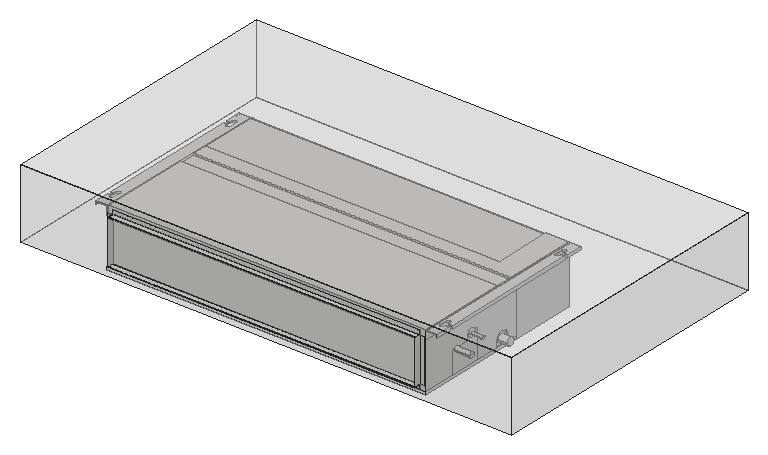
Revit family "outputfile", category 機械設備, Revit 2024
Family settings
  丸型コネクタ寸法 = 半径を使用
  パーツ タイプ = 標準
  OmniClass 番号 = 23.75.10.24.21.27.27
  OmniClass タイトル = Split System Air Conditioning Units
  作業面ベース = いいえ
  常に垂直 = はい
  ロード時にボイドで切り取り = いいえ
  注釈の向きを維持 = いいえ
  共有 = いいえ
  部屋計算ポイント = はい
Parameters (values of type "FXDQ63NDVTS")
  Description = ""
  製造元 = "Daikin"
  書き出し IFC クラス(タイプ) = "IfcUnitaryEquipmentType"
  定義済み IFC タイプ(タイプ) = "AIRCONDITIONINGUNIT"
  Cost = 0
  モデル = "FXDQ63NDVTS"
  Type Comments = ""
  Keynote = ""
  Type Image = (empty or 0)
  Assembly Code = ""
  w_pipe = 33.0 mm
  r_Liquid Pipe Size = Liquid Pipe Size / 2  # 4.75 mm
  r_Gas Pipe Size = Gas Pipe Size / 2  # 7.95 mm
  r_Drain Pipe Size = Drain Pipe Size / 2  # 10.0 mm
  lw_powersupply = 504.0 mm
  lw_ductflange2 = 1020.0 mm
  lw_Width = 1060.0 mm
  lh_suctionflange [instance] = if(Rear Connection_Return Air, 100.0 mm + [h***], 190.0 mm + [h***])  # 100.0 mm
  ld_suctionflange [instance] = if(Rear Connection_Return Air, 190.0 mm, 100.0 mm)  # 190.0 mm
  ld_powersupply = 60.0 mm
  angle_vertical_RA [instance] = if(Rear Connection_Return Air, 90.00°, 0.00°)  # 90.00°
  angle horizontal_RA [instance] = if(Rear Connection_Return Air, 180.00°, 270.00°)  # 180.00°
  Voltage_comment_50Hz = "220-240"
  Voltage_50Hz = 220 V
  URL = ""
  Supply Air Direction [instance] = yes
  Sound Power Level_H speed (dB) = 59
  Rear Connection_Return Air [instance] = not(Bottom Connection_Return Air)  # yes
  RA_length = 190.0 mm  # constant formula
  Phase_50Hz = 1
  Minimum External Static Pressure = 15.00 Pa
  Minimum Circuit Amps_50Hz = 1.1 A
  Maximum Fuse Amps_50Hz = 16.0 A
  Maximum External Static Pressure = 44.00 Pa
  Material_Casing = DAIKIN_GalvanizedSteel_Casing_indoorunit
  lw_liquidpipe = 46.0 mm  # constant formula
  lw_gaspipe = 57.0 mm  # constant formula
  lw_mountinghole_pitch = 1140.0 mm
  lw_mountinghole = 20.0 mm  # constant formula
  lw_drainpipe = 33.0 mm  # constant formula
  lh_powersupply = 10.0 mm
  lh_liquidpipe = 110.0 mm
  lh_gaspipe = 87.0 mm
  lh_mountinghole = Height + [h***]  # 200.0 mm
  lh_drainpipe = 150.0 mm
  lh_antena = 1.0 mm  # constant formula
  ld_liquidpipe = 193.0 mm  # constant formula
  ld_gaspipe = 130.0 mm  # constant formula
  ld_mountinghole_pitch = 0.0 mm  # constant formula
  ld_drainpipe = 280.0 mm
  ld_controlbox = 626.0 mm  # constant formula
  h*** = 0.0 mm  # constant formula
  d_dischargeflange = 21.2 mm  # constant formula
  Width = 1100.0 mm
  Version = "ver.1.0"
  Unit Type = "Slim Duct (Standard) Type"
  Unit Mass Weight = 31.00 kg
  Unit Designation [instance] = ""
  Uniclass2015Version = "Products v1.30"
  Uniclass2015Title = "Variable refrigerant flow units"
  Uniclass2015Code = "Pr_70_65_03_94"
  Total Heating Capacity [instance] = 0.000 kW
  Total Cooling Capacity [instance] = 0.000 kW
  Sound Pressure Level_M speed (dBA) = 0
  Sound Pressure Level_L speed (dBA) = 29
  Sound Pressure Level_H speed (dBA) = 33
  Series = "VRV Fan Coil Unit"
  Sensible Cooling Capacity [instance] = 0.000 kW
  SA Duct Size Width = 1060.0 mm
  SA Duct Size Height = 153.0 mm
  Refrigerant Type = "R410A"
  RA Duct Size Width = 1000.0 mm
  RA Duct Size Height = 180.0 mm
  Power Input (Heating) = 0.168 kW
  Power Input (Cooling) = 0.168 kW
  Option Accessory 3 [instance] = ""
  Option Accessory 2 [instance] = ""
  Option Accessory 1 [instance] = ""
  Nominal Heating Capacity = 8.000 kW
  Nominal Cooling Capacity = 7.100 kW
  Minimum Airflow = 780.00 m³/h
  Median Airflow = 870.00 m³/h
  Maximum Airflow = 990.00 m³/h
  Load Classification = HVAC
  Liquid Pipe Size = 9.5 mm
  Link_Nested Family [instance] = ""
  IfcVersion = "0"
  IfcExportType = "AIRCONDITIONINGUNIT"
  IfcExportAs = "IfcUnitaryEquipmentType"
  Height = 200.0 mm
  Heating Entering Wet Bulb Temperature [instance] = 0.00 °C
  Heating Entering Dry Bulb Temperature [instance] = 0.00 °C
  Heating Ambient Wet Bulb Temperature [instance] = 0.00 °C
  Heating Ambient Dry Bulb Temperature [instance] = 0.00 °C
  Heat Exchanger Type = "Cross Fin Coil"
  Gas Pipe Size = 15.9 mm
  Frequency_50Hz = 50 Hz
  Fan Type = "Sirocco Fan"
  Fan Drive = "Direct Drive"
  FCU Tag No. [instance] = ""
  Drain Pipe Size = 20.0 mm
  Design Supply Airflow [instance] = 0.00 m³/h
  Design Return Airflow [instance] = 0.00 m³/h
  Design External Static Pressure [instance] = 0.00 Pa
  Depth = 620.0 mm
  既定の高さ = 0.0 mm
  Cooling Entering Wet Bulb Temperature [instance] = 0.00 °C
  Cooling Entering Dry Bulb Temperature [instance] = 0.00 °C
  Cooling Ambient Wet Bulb Temperature [instance] = 0.00 °C
  Cooling Ambient Dry Bulb Temperature [instance] = 0.00 °C
  Clearance visibility [instance] = yes
  Clearance Top = 20.0 mm
  Clearance Right = 300.0 mm
  Clearance Rear = 400.0 mm
  Clearance Left = 300.0 mm
  Clearance Front = 0.0 mm
  Clearance Bottom = 20.0 mm
  Bottom Connection_Return Air [instance] = no
Reference planes
  plane 1 "Center (Front/Back)": y = 0
  plane 2: z = 0
  plane 3 "Center (Left/Right)": x = 0
  plane 4 "Back": y = 310
  plane 5 "Front": y = -310
  plane 6 "Left": x = -550
  plane 7 "Right": x = 550
  plane 8 "Top": z = 0
  plane 9 "Bottom": z = -200
  plane 10: x = 330
  plane 11: x = -330
  plane 12: z = -190
  plane 13: z = -6
  plane 14: z = -22
  plane 15: z = -90
  plane 16: z = -113
  plane 17: x = -304
  plane 18: x = 304
  plane 19: x = -570
  plane 20: x = 570
  plane 21: y = 250
  plane 22: y = 250
  plane 23: x = -590
  plane 24: x = 390
  plane 25: x = 596
  plane 26: x = 607
  plane 27: x = 583
  plane 28: z = 0
  plane 29: z = -50
  plane 30 "Clearance Left": x = -850
  plane 31 "Clearance Right": x = 850
  plane 32 "Clearance Rear": y = 710
  plane 33 "Clearance Front": y = -310
  plane 34 "Clearance Top": z = 20
  plane 35 "Clearance Bottom": z = -220
  plane 36: z = -21
  plane 37: z = -170
  plane 38: z = -96.5
  plane 39: x = -40
  plane 40: y = -180
  plane 41: y = -117
  plane 42: y = -30
  plane 43: y = 20
  plane 44: z = -97.5
  plane 45: y = -309
  plane 46: x = -549
  plane 47: z = -100
  plane 48: z = -30
  plane 49: y = 210
  plane 50: z = 301
  plane 51: z = -199
  plane 52: y = 120
  plane 53: z = -101
  plane 54: x = 580
  plane 55: x = 545
  plane 56: x = 555
  plane 57: x = 551
  plane 58: x = 469
  plane 59: x = 549.004
  plane 60: x = -549
  plane 61: x = 504
  plane 62: z = -189
  plane 63: z = 102.5
Forms (mm)
  Extrusion 1, solid
    sketch origin (0, 0, 0) x (1, 0, 0) y (0, 0, 1)
      loop
        line (-550, -190) -> (-550, -200) -> (550, -200) -> (550, -190) -> (-550, -190)
    from -84 to 310
  Extrusion 2, solid, material "DAIKIN_GalvanizedSteel_Casing_indoorunit" <- "Material_Casing"
    sketch origin (0, 0, 0) x (1, 0, 0) y (0, 1, 0)
      loop
        line (-550, -309) -> (550, -309) -> (550, 310) -> (-550, 310) -> (-550, -309)
    from -200 to 0
  Extrusion 3, void
    sketch origin (0, 0, 1) x (1, 0, 0) y (0, 1, 0)
      loop
        line (-550, 62.179) -> (-550, 4.179) -> (550, 4.179) -> (550, 62.179) -> (-550, 62.179)
    from -1 to -7
  Extrusion 4, void
    sketch origin (0, 0, 0) x (0, 1, 0) y (0, 0, 1)
      loop
        line (-5, -190) -> (45, -190) -> (45, -170)
        arc (45, -170) -> (20, -145) -> (-5, -170) r 25
        line (-5, -170) -> (-5, -190)
    from 550 to 545
  Revolve 5, solid, material "DAIKIN_GalvanizedSteel_Casing_indoorunit" <- "Material_Casing"
    sketch origin (0, 0, -113) x (0, -1, 0) y (1, 0, 0)
      loop
        line (172.05, 551) -> (180, 551) -> (180, 607) -> (172.05, 607) -> (172.05, 551)
      axis (180, 551) -> (180, 607)
    angle from 0 to 360
  Revolve 6, solid, material "DAIKIN_GalvanizedSteel_Casing_indoorunit" <- "Material_Casing"
    sketch origin (0, 0, -90) x (0, -1, 0) y (1, 0, 0)
      loop
        line (117, 551) -> (117, 596) -> (112.25, 596) -> (112.25, 551) -> (117, 551)
      axis (117, 596) -> (117, 551)
    angle from 0 to 360
  Extrusion 7, solid, material "DAIKIN_GalvanizedSteel_Casing_indoorunit" <- "Material_Casing"
    sketch origin (0, 0, 0) x (0, 1, 0) y (0, 0, 1)
      loop
        circle (-116, -90) r 12.7
    from 550 to 555
  Extrusion 8, solid, material "DAIKIN_GalvanizedSteel_Casing_indoorunit" <- "Material_Casing"
    sketch origin (0, 0, 0) x (0, 1, 0) y (0, 0, 1)
      loop
        circle (20, -170) r 13
    from 580 to 545
  Extrusion 9, solid, material "DAIKIN_GalvanizedSteel_Casing_indoorunit" <- "Material_Casing"
    sketch origin (0, 0, 0) x (1, 0, 0) y (0, 0, 1)
      loop
        line (-550, -190) -> (-550, -200) -> (550, -200) -> (550, -190) -> (-550, -190)
    from -84 to 310
  Extrusion 10, solid, material "DAIKIN_GalvanizedSteel_Casing_indoorunit" <- "Material_Casing", visible <- "Bottom Connection_Return Air"
    sketch origin (0, 0, 0) x (1, 0, 0) y (0, 0, 1)
      loop
        line (469, -200) -> (469, -1) -> (-549, -1) -> (-549, -200) -> (469, -200)
    from -310 to -309
  Extrusion 11, void
    sketch origin (0, 0, 0) x (1, 0, 0) y (0, 0, 1)
      loop
        line (469, 0) -> (-549, 0) -> (-549, -1) -> (469, -1) -> (469, 0)
    from -310 to -111
  Extrusion 12, solid, material "DAIKIN_GalvanizedSteel_Casing_indoorunit" <- "Material_Casing", visible <- "Rear Connection_Return Air"
    sketch origin (0, 0, 0) x (1, 0, 0) y (0, 1, 0)
      loop
        line (-549, 310) -> (-549, 111) -> (469, 111) -> (469, 310) -> (-549, 310)
    from -200 to -199
  Extrusion 13, solid, material "DAIKIN_GalvanizedSteel_Casing_indoorunit" <- "Material_Casing"
    sketch origin (0, 0, 0) x (0, 1, 0) y (0, 0, 1)
      loop
        line (-194, -113) -> (-194, -190) -> (-88.3, -190) -> (-88.3, -90) -> (-103.3, -90)
        arc (-103.3, -90) -> (-116, -102.7) -> (-128.7, -90) r 12.7
        line (-128.7, -90) -> (-128.7, -113) -> (-173.65, -113)
        arc (-173.65, -113) -> (-180, -119.35) -> (-186.35, -113) r 6.35
        line (-186.35, -113) -> (-194, -113)
    from 551 to 550
  Extrusion 14, solid, material "DAIKIN_GalvanizedSteel_Casing_indoorunit" <- "Material_Casing"
    sketch origin (0, 0, 0) x (0, 1, 0) y (0, 0, 1)
      loop
        line (84, -199) -> (310, -199) -> (310, -22) -> (91, -22) -> (84, -29) -> (84, -199)
    from 551 to 550
Cuts and joins
  Extrusion 3, Extrusion 4, Extrusion 11 cuts Extrusion 2
  Extrusion 4 cuts Extrusion 1
  Extrusion 11 cuts Extrusion 9
Dimensions and locks
  "lh_powersupply": plane 12 to plane 9 "Bottom"
  locked: plane 8 "Top" to plane 13 at 6
  "Height": plane 8 "Top" to plane 9 "Bottom"
  equal spacing: plane 17, plane 3 "Center (Left/Right)", plane 18, locked at 304 each
  locked: plane 17 to plane 18 at 608
  equal spacing: plane 19, plane 3 "Center (Left/Right)", plane 20
  "lw_mountinghole_pitch": plane 19 to plane 20
  locked: plane 14 to plane 9 "Bottom" at 178
  "lw_mountinghole": plane 23 to plane 19
  "lh_liquidpipe": plane 15 to plane 9 "Bottom"
  "lh_gaspipe": plane 16 to plane 9 "Bottom"
  "lh_mountinghole": plane 28 to plane 9 "Bottom"
  "ld_mountinghole_pitch": plane 22 to plane 21
  equal spacing: plane 6 "Left", plane 3 "Center (Left/Right)", plane 7 "Right"
  "Width": plane 6 "Left" to plane 7 "Right"
  "lh_drainpipe": plane 29 to plane 9 "Bottom"
  "Clearance Right": plane 7 "Right" to plane 31 "Clearance Right"
  "Clearance Left": plane 30 "Clearance Left" to plane 6 "Left"
  "lw_gaspipe": plane 7 "Right" to plane 26
  "lw_liquidpipe": plane 7 "Right" to plane 25
  "lw_drainpipe": plane 7 "Right" to plane 27
  "Clearance Rear": plane 32 "Clearance Rear" to plane 4 "Back"
  "Clearance Front": plane 5 "Front" to plane 33 "Clearance Front"
  "Clearance Top": plane 34 "Clearance Top" to plane 8 "Top"
  "Clearance Bottom": plane 9 "Bottom" to plane 35 "Clearance Bottom"
  "ld_powersupply": plane 4 "Back" to plane 22
  locked: plane 8 "Top" to plane 36 at 21
  locked: plane 8 "Top" to plane 37 at 170
  locked: plane 40 to plane 41 at 63
  locked: plane 38 to plane 9 "Bottom" at 103.5
  locked: plane 36 to plane 44 at 76.5
  "Depth": plane 4 "Back" to plane 5 "Front"
  equal spacing: plane 4 "Back", plane 1 "Center (Front/Back)", plane 5 "Front"
  locked: plane 45 to plane 5 "Front" at 1
  locked: plane 46 to plane 6 "Left" at 1
  Extrusion 10 sketch curve to Extrusion 10 sketch curve = 199.0 mm
  locked: plane 12 to plane 47 at 90
  plane 32 "Clearance Rear" to Extrusion 10 = 401.0 mm
  locked: plane 48 to plane 35 "Clearance Bottom" at 190
  plane 50 to plane 28 = 301.0 mm
  locked: plane 51 to plane 9 "Bottom" at 1
  "ld_suctionflange": plane 4 "Back" to plane 52
  locked: plane 53 to plane 9 "Bottom" at 99
  locked: plane 7 "Right" to plane 54 at 30
  locked: plane 55 to plane 7 "Right" at 5
  locked: plane 7 "Right" to plane 56 at 5
  locked: plane 7 "Right" to plane 57 at 1
  plane 7 "Right" to plane 58 = 81.0 mm
  locked: plane 7 "Right" to plane 59 at 0.996
  locked: plane 60 to plane 6 "Left" at 1
  "lw_powersupply": plane 3 "Center (Left/Right)" to plane 61
  "r_Gas Pipe Size": nested 6 to Revolve 5 sketch curve
  "r_Liquid Pipe Size": nested 5 to Revolve 6 sketch curve
  locked: plane 62 to plane 9 "Bottom" at 11
  aligned and locked: level to plane 2
  aligned and locked: Extrusion 2 to plane 9 "Bottom"
  aligned and locked: plane 8 "Top" to Extrusion 2
  aligned and locked: Revolve 5 sketch curve to Revolve 5 sketch curve
  aligned and locked: plane 15 to Extrusion 7 sketch curve
  aligned and locked: cut or joined group of Extrusion 1, Extrusion 4 to plane 9 "Bottom"
  aligned and locked: plane 25 to nested 5
  aligned and locked: nested 5 to plane 15
  aligned and locked: nested 1 to plane 22
  aligned and locked: plane 20 to nested 2
  aligned and locked: plane 19 to nested 3
  aligned and locked: plane 22 to nested 4
  aligned and locked: nested 4 to plane 22
  aligned and locked: plane 19 to nested 4
  aligned and locked: nested 10 to plane 12
  aligned and locked: Extrusion 9 to plane 5 "Front"
  aligned and locked: Extrusion 9 to plane 9 "Bottom"
  aligned and locked: nested 6 to plane 16
  aligned and locked: plane 40 to nested 6
  aligned and locked: plane 41 to nested 5
  aligned and locked: Extrusion 8 sketch curve to plane 43
  aligned and locked: plane 4 "Back" to Extrusion 11
  aligned and locked: plane 8 "Top" to Extrusion 3
  aligned and locked: Extrusion 10 to cut or joined group of Extrusion 2, Extrusion 3, Extrusion 4, Extrusion 11
  aligned and locked: plane 9 "Bottom" to Extrusion 12  (x2)
  aligned and locked: Extrusion 12 to plane 51
  aligned and locked: Extrusion 11 to level
  aligned and locked: plane 32 "Clearance Rear" to nested 13
  aligned and locked: plane 31 "Clearance Right" to nested 13
  aligned and locked: plane 30 "Clearance Left" to nested 13
  aligned and locked: nested 13 to plane 33 "Clearance Front"
  aligned and locked: nested 13 to plane 34 "Clearance Top"
  aligned and locked: nested 13 to plane 35 "Clearance Bottom"
  aligned and locked: plane 7 "Right" to Extrusion 13  (x2)
  aligned and locked: plane 4 "Back" to Extrusion 14
  aligned and locked: Extrusion 14 to plane 51
  aligned and locked: plane 7 "Right" to Extrusion 14  (x2)
  aligned and locked: Extrusion 13 to Revolve 5 sketch curve
  aligned and locked: Extrusion 3 to plane 13
  aligned and locked: plane 52 to nested 14
  aligned and locked: Extrusion 7 to plane 7 "Right"
  aligned and locked: plane 7 "Right" to cut or joined group of Extrusion 2, Extrusion 3, Extrusion 4, Extrusion 11  (x3)
  aligned and locked: cut or joined group of Extrusion 2, Extrusion 3, Extrusion 4, Extrusion 11 to plane 55
  aligned and locked: Extrusion 8 to plane 55
  aligned and locked: plane 54 to Extrusion 8
  aligned and locked: plane 56 to Extrusion 7
  aligned and locked: plane 57 to Extrusion 14
  aligned and locked: Extrusion 13 to plane 57
  aligned and locked: plane 26 to nested 6
  aligned and locked: plane 58 to Extrusion 11 sketch curve
  aligned and locked: Extrusion 10 sketch curve to plane 58
  aligned and locked: plane 3 "Center (Left/Right)" to nested 15
  aligned and locked: Extrusion 12 to plane 58
  aligned and locked: plane 6 "Left" to nested 11
  aligned and locked: plane 8 "Top" to nested 15
  aligned and locked: plane 4 "Back" to nested 15
  aligned and locked: cut or joined group of Extrusion 2, Extrusion 3, Extrusion 4, Extrusion 11 to plane 45
  aligned and locked: nested 10 to plane 61
  aligned and locked: plane 20 to nested 1
  aligned and locked: plane 43 to nested 7
  aligned and locked: nested 7 to plane 37
  aligned and locked: plane 54 to nested 7
  aligned and locked: nested 9 to plane 1 "Center (Front/Back)"
  aligned and locked: plane 3 "Center (Left/Right)" to nested 9
  aligned and locked: nested 16 to plane 62
  aligned and locked: plane 13 to nested 16
  aligned and locked: nested 11 to plane 51
  aligned and locked: nested 12 to plane 51
  aligned and locked: plane 44 to nested 8
  aligned and locked: plane 45 to nested 16
  aligned and locked: level to plane 8 "Top"
Automatic sketch dimensions
  Extrusion 1 sketch curve to plane 6 "Left" = 0.0 mm
  Extrusion 1 sketch curve to plane 7 "Right" = 0.0 mm
  Extrusion 1 sketch curve to plane 9 "Bottom" = 0.0 mm
  Extrusion 1 sketch curve to plane 12 = 0.0 mm
  Extrusion 2 sketch curve to plane 4 "Back" = 0.0 mm
  Extrusion 2 sketch curve to plane 6 "Left" = 0.0 mm
  Extrusion 2 sketch curve to plane 7 "Right" = 0.0 mm
  Extrusion 2 sketch curve to plane 45 = 0.0 mm
  Extrusion 3 sketch curve to plane 6 "Left" = 0.0 mm
  Extrusion 3 sketch curve to plane 7 "Right" = 0.0 mm
  Extrusion 3 sketch curve to plane 1 "Center (Front/Back)" = 4.179 mm
  plane 43 to Extrusion 3 sketch curve = 42.179 mm
  Extrusion 4 sketch curve to plane 37 = 0.0 mm
  Extrusion 4 sketch curve to plane 12 = 0.0 mm
  Extrusion 4 sketch curve to plane 43 = 0.0 mm
  plane 1 "Center (Front/Back)" to Extrusion 4 sketch curve = 5.0 mm
  plane 41 to Extrusion 7 sketch curve = 1.0 mm
  Extrusion 8 sketch curve to plane 37 = 0.0 mm
  Extrusion 9 sketch curve to plane 6 "Left" = 0.0 mm
  Extrusion 9 sketch curve to plane 7 "Right" = 0.0 mm
  Extrusion 9 sketch curve to plane 9 "Bottom" = 0.0 mm
  Extrusion 9 sketch curve to plane 12 = 0.0 mm
  plane 46 to Extrusion 10 sketch curve = 0.0 mm
  plane 46 to Extrusion 11 sketch curve = 0.0 mm
  Extrusion 11 sketch curve to plane 8 "Top" = 1.0 mm
  Extrusion 12 sketch curve to plane 46 = 0.0 mm
  Extrusion 12 sketch curve to plane 4 "Back" = 0.0 mm
  plane 18 to Extrusion 12 sketch curve = 165.0 mm
  plane 43 to Extrusion 12 sketch curve = 91.0 mm
  plane 35 "Clearance Bottom" to Extrusion 11 sketch curve = 220.0 mm
  Extrusion 10 sketch curve to plane 51 = 1.0 mm
  Extrusion 13 sketch curve to plane 12 = 0.0 mm
  Extrusion 13 sketch curve to plane 16 = 0.0 mm
  Extrusion 13 sketch curve to plane 40 = 0.0 mm
  Extrusion 13 sketch curve to plane 15 = 0.0 mm
  Extrusion 13 sketch curve to Extrusion 13 sketch curve = 6.35 mm
  Extrusion 13 sketch curve to Extrusion 13 sketch curve = 7.65 mm
  Extrusion 13 sketch curve to plane 41 = 11.7 mm
  plane 41 to Extrusion 13 sketch curve = 1.0 mm
  Extrusion 13 sketch curve to Extrusion 13 sketch curve = 27.7 mm
  Extrusion 14 sketch curve to plane 51 = 0.0 mm
  Extrusion 14 sketch curve to plane 14 = 0.0 mm
  plane 48 to Extrusion 14 sketch curve = 1.0 mm
  plane 43 to Extrusion 14 sketch curve = 64.0 mm
  Extrusion 14 sketch curve to Extrusion 14 sketch curve = 7.0 mm
  Extrusion 14 sketch curve to plane 4 "Back" = 0.0 mm
  Revolve 5 sketch curve to plane 26 = 0.0 mm
  Revolve 5 sketch curve to plane 40 = 0.0 mm
  Revolve 5 sketch curve to Revolve 5 sketch curve = 1.003 mm
  plane 26 to Revolve 5 sketch curve = 1.003 mm
  Revolve 6 sketch curve to plane 41 = 0.0 mm  (x2)
  Revolve 6 sketch curve to plane 25 = 0.0 mm  (x2)
  Revolve 6 sketch curve to plane 57 = 0.0 mm  (x2)
  radius of Extrusion 7 sketch curve = 12.7 mm
  radius of Extrusion 8 sketch curve = 13.0 mm
Nested families
  nested 1: "daikin_mountinghole" at (570, 250, -200), l_antenna <- "lh_antena", Link_Nested Family <- "Link_Nested Family", h_mountinghole <- "lh_mountinghole", type "daikin_mountinghole"
    with show yes, l_antenna 1.0 mm, h_mountinghole 200.0 mm, Link_Nested Family ""
  nested 2: "daikin_mountinghole" at (570, -250, -200), Link_Nested Family <- "Link_Nested Family", l_antenna <- "lh_antena", h_mountinghole <- "lh_mountinghole", type "daikin_mountinghole"
    with show yes, l_antenna 1.0 mm, h_mountinghole 200.0 mm, Link_Nested Family ""
  nested 3: "daikin_mountinghole" at (-570, -250, -200), l_antenna <- "lh_antena", Link_Nested Family <- "Link_Nested Family", h_mountinghole <- "lh_mountinghole", type "daikin_mountinghole"
    with show yes, l_antenna 1.0 mm, h_mountinghole 200.0 mm, Link_Nested Family ""
  nested 4: "daikin_mountinghole" at (-570, 250, -200), l_antenna <- "lh_antena", Link_Nested Family <- "Link_Nested Family", h_mountinghole <- "lh_mountinghole", type "daikin_mountinghole"
    with show yes, l_antenna 1.0 mm, h_mountinghole 200.0 mm, Link_Nested Family ""
  nested 5: "daikin_connector_rotate2" at (550, -117, -90) x (0, 1, 0) z (0, 0, 1), length <- "lw_liquidpipe", built-in parameter 1001364 <- "lh_liquidpipe", radius <- "r_Liquid Pipe Size", type "daikin_connector_rotate2"
    with radius 4.75 mm, length 46.0 mm, angle_vertical 90.00°, show_face no
  nested 6: "daikin_connector_rotate2" at (550, -180, -113) x (0, 1, 0) z (0, 0, 1), length <- "lw_gaspipe", built-in parameter 1001364 <- "lh_gaspipe", radius <- "r_Gas Pipe Size", type "daikin_connector_rotate2"
    with radius 7.95 mm, length 57.0 mm, angle_vertical 90.00°, show_face no
  nested 7: "daikin_connector_rotate2" at (547, 20, -170) x (0, 1, 0) z (0, 0, 1), built-in parameter 1001364 <- "lh_drainpipe", length <- "lw_drainpipe", radius <- "r_Drain Pipe Size", type "daikin_connector_rotate2"
    with radius 10.0 mm, length 33.0 mm, angle_vertical 90.00°, show_face no
  nested 8: "daikin_connector_rotate2" at (0, -309, -97.5), length <- "d_dischargeflange", type "daikin_connector_rotate2"
    with radius 10.0 mm, length 21.2 mm, angle_vertical 90.00°, show_face no
  nested 9: "daikin_△_symbolicline" at (-75, -129.904, 200) x (-0.5, 0.866, 0) z (0, 0, 1), built-in parameter 1001364 <- "Height", visible <- "Supply Air Direction", type "daikin_△_symbolicline"
    with length 300.0 mm
  nested 10: "daikin_connector_rotate2" at (504, 250, -190) x (-1, 0, 0) z (0, 0, 1), built-in parameter 1001364 <- "lw_powersupply", length <- "ld_powersupply", type "daikin_connector_rotate2"
    with radius 10.0 mm, length 60.0 mm, angle_vertical 90.00°, show_face no
  nested 11: "daikin_ductflange_FXDQ-NDVTS2" at (-40, 310, -100), visible <- "Rear Connection_Return Air", material <- "Material_Casing", width <- "lw_ductflange2", type "daikin_ductflange_FXDQ-NDVTS2"
    with width 1020.0 mm, material DAIKIN_GalvanizedSteel_Casing_indoorunit, height 180.0 mm, depth 21.2 mm
  nested 12: "daikin_ductflange_FXDQ-NDVTS2" at (-40, 210, -200) x (1, 0, 0) z (0, 1, 0), visible <- "Bottom Connection_Return Air", material <- "Material_Casing", width <- "lw_ductflange2", type "daikin_ductflange_FXDQ-NDVTS2"
    with width 1020.0 mm, material DAIKIN_GalvanizedSteel_Casing_indoorunit, height 180.0 mm, depth 21.2 mm
  nested 13: "daikin_clearancespace" at (0, 200, -99.881), visible <- "Clearance visibility", show <- "Clearance visibility", Link_Nested Family <- "Link_Nested Family", type "daikin_clearancespace"
    with width 1700.0 mm, show yes, height 240.0 mm, depth 1020.0 mm, Link_Nested Family ""
  nested 14: "daikin_connector_rotate3" at (-40, 120, -100), built-in parameter 1001364 <- "lh_suctionflange", angle_vertical <- "angle_vertical_RA", angle_horizontal <- "angle horizontal_RA", length <- "RA_length", type "daikin_connector_rotate3"
    with show no, radius 10.0 mm, length 190.0 mm, angle_vertical 90.00°, angle_horizontal 180.00°
  nested 15: "daikin_hangerfixture_FXDQ-NDVTS" at (0, 0.5, 0), type "daikin_hangerfixture_FXDQ-NDVTST"
    with width 1100.0 mm
  nested 16: "daikin_ductflange_FXDQ-NDVTS" at (0, 4.5, -364.201), width <- "lw_Width", material <- "Material_Casing", type "daikin_ductflange_FXDQ-NDVTS"
    with width 1060.0 mm, material DAIKIN_GalvanizedSteel_Casing_indoorunit, height 155.0 mm, depth 21.2 mm
Connectors
  piping at (607, -180, -113), diameter 15.9, driven by "r_Gas Pipe Size"
    settings: on nested 6, index 1, connector inside diameter 609.6 mm, connector length 0.0 mm, flow factor 0, pipe flow 0.00 m³/h, pressure drop 0.0 Pa, fitting loss kfactor 0, connector angle 0.00°, fixture units 0, engagement length 0.0 mm, angle of deflection 0.00°, flow configuration 1, flow direction 2, fitting loss method 0, system type 29, joint type 0, gender type 0, connector reference index -1, connector utility 0, adjustable connector no, is connector primary yes, connector description "Refrigerant Gas Piping"
  piping at (596, -117, -90), diameter 9.5, driven by "r_Liquid Pipe Size"
    settings: on nested 5, index 2, connector inside diameter 609.6 mm, connector length 0.0 mm, flow factor 0, pipe flow 0.00 m³/h, pressure drop 0.0 Pa, fitting loss kfactor 0, connector angle 0.00°, fixture units 0, engagement length 0.0 mm, angle of deflection 0.00°, flow configuration 1, flow direction 1, fitting loss method 0, system type 29, joint type 0, gender type 0, connector reference index -1, connector utility 0, adjustable connector no, is connector primary no, connector description "Refrigerant Liquid Piping"
  piping at (580, 20, -170), diameter 20, driven by "r_Drain Pipe Size"
    settings: on nested 7, index 3, connector inside diameter 609.6 mm, connector length 0.0 mm, flow factor 0, pipe flow 0.00 m³/h, pressure drop 0.0 Pa, fitting loss kfactor 0, connector angle 0.00°, fixture units 0, engagement length 0.0 mm, angle of deflection 0.00°, flow configuration 1, flow direction 2, fitting loss method 4, system type 16, joint type 0, gender type 0, connector reference index -1, connector utility 0, adjustable connector no, is connector primary no, connector description "Condensate Drain Piping"
  hvac at (0, -330.2, -97.5), driven by "SA Duct Size Height", driven by "SA Duct Size Width"
    settings: on nested 8, index 7, duct flow 0.00 m³/h, flow factor 0, pres drop 0.00 Pa, loss coef 0, conn angle 0.00°, conn width 1060.0 mm, conn height 153.0 mm, conn diameter 609.6 mm, duct sys type 1, conn prof type 1, flow config 0, flow direction 2, loss method 4, conn ref index -1, conn util no, is conn primary yes, conn desc "SA Duct"
  electrical at (504, 310, -190), driven by "Load Classification"
    settings: on nested 10, index 9, voltage 0 V, apparent load 0 VA, apparent load phase1 0 VA, apparent load phase2 0 VA, apparent load phase3 0 VA, power factor 1, load classification "HVAC", number of poles 1, system type 30, power factor state 1, is connector primary yes, connector utility no, sub classification motor no, connector description "Power Supply"
  hvac at (-40, 310, -100), driven by "RA Duct Size Height", driven by "RA Duct Size Width"
    settings: on nested 14, index 10, duct flow 0.00 m³/h, flow factor 0, pres drop 0.00 Pa, loss coef 0, conn angle 0.00°, conn width 1000.0 mm, conn height 180.0 mm, conn diameter 609.6 mm, duct sys type 2, conn prof type 1, flow config 0, flow direction 1, loss method 4, conn ref index -1, conn util no, is conn primary no, conn desc "RA Duct"
Definition of nested family "daikin_ductflange_FXDQ-NDVTS2"
  Parameters (values of type "daikin_ductflange_FXDQ-PDVE2")
    width [instance] = 620.0 mm
    material [instance] = none
    height [instance] = 180.0 mm
    depth [instance] = 21.2 mm
    Default Elevation = 0.0 mm
  Reference planes
    plane 1 "Center (Front/Back)": y = 0
    plane 2: z = 0
    plane 3 "Center (Left/Right)": x = 0
    plane 4: y = -313.5
    plane 5: y = -334.7
    plane 6: x = -310
    plane 7: x = 310
    plane 8: z = 90
    plane 9: z = -90
    plane 10: z = 100
    plane 11: z = -100
    plane 12: x = -309
    plane 13: x = 309
  Forms (mm)
    Extrusion 1, solid, material <- "material"
      sketch origin (0, 0, 0) x (1, 0, 0) y (0, 0, 1)
        loop
          line (-300, 90) -> (-300, -90) -> (300, -90) -> (300, 90) -> (-300, 90)
        loop
          line (-309, -99) -> (309, -99) -> (309, 99) -> (-309, 99) -> (-309, -99)
      from 0 to 1
  Dimensions and locks
    plane 4 to plane 1 "Center (Front/Back)" = 313.5 mm
    "depth": plane 5 to plane 4
    equal spacing: plane 7, plane 3 "Center (Left/Right)", plane 6, locked at 310 each
    "width": plane 7 to plane 6
    equal spacing: plane 8, level, plane 9, locked at 90 each
    "height": plane 8 to plane 9
    equal spacing: plane 10, level, plane 11, locked at 100 each
    locked: plane 10 to plane 11 at 200
    plane 12 to plane 6 = 1.0 mm
    locked: plane 7 to plane 13 at 1
    locked: Extrusion 1 sketch curve to Extrusion 1 sketch curve at 9  (x4)
    locked: plane 10 to Extrusion 1 sketch curve at 1
    locked: Extrusion 1 sketch curve to plane 11 at 1
    aligned and locked: level to plane 2
  Automatic sketch dimensions
    plane 6 to Extrusion 1 sketch curve = 1.0 mm
    Extrusion 1 sketch curve to plane 7 = 1.0 mm
Definition of nested family "daikin_clearancespace"
  Parameters (values of type "daikin_clearancespace")
    width [instance] = 1823.963 mm
    show [instance] = yes
    material = none
    height [instance] = 1359.762 mm
    depth [instance] = 880.0 mm
    Default Elevation = 0.0 mm
    Link_Nested Family [instance] = ""
  Reference planes
    plane 1 "Center (Front/Back)": y = 0
    plane 2 "Center (Elevation)": z = -0.119
    plane 3 "Center (Left/Right)": x = 0
    plane 4: y = 440
    plane 5: y = -440
    plane 6 "Right": x = 911.982
    plane 7 "Left": x = -911.982
    plane 8 "Top": z = 679.762
    plane 9 "Bottom": z = -680
  Forms (mm)
    Extrusion 1, solid, material <- "material", visible <- "show"
      sketch origin (0, 0, 0) x (1, 0, 0) y (0, 1, 0)
        loop
          line (-911.982, 440) -> (-911.982, -440) -> (911.982, -440) -> (911.982, 440) -> (-911.982, 440)
      from -680 to 679.762
  Lines and regions (mm)
    symbolic lines, visible <- "show"
      curve 1: line (911.982, 440, 0) -> (-911.982, 440, 0)
      curve 2: line (-911.982, 440, 0) -> (-911.982, -440, 0)
      curve 3: line (-911.982, -440, 0) -> (911.982, -440, 0)
      curve 4: line (911.982, -440, 0) -> (911.982, 440, 0)
      curve 5: line (911.982, 0, 679.762) -> (-911.982, 0, 679.762)
      curve 6: line (911.982, 0, -680) -> (911.982, 0, 679.762)
      curve 7: line (-911.982, 0, -680) -> (911.982, 0, -680)
      curve 8: line (-911.982, 0, 679.762) -> (-911.982, 0, -680)
      curve 9: line (0, 440, 679.762) -> (0, -440, 679.762)
      curve 10: line (0, -440, 679.762) -> (0, -440, -680)
      curve 11: line (0, 440, -680) -> (0, 440, 679.762)
      curve 12: line (0, -440, -680) -> (0, 440, -680)
  Dimensions and locks
    "width": plane 7 "Left" to plane 6 "Right"
    "depth": plane 4 to plane 5
    "height": plane 8 "Top" to plane 9 "Bottom"
    equal spacing: plane 7 "Left", plane 3 "Center (Left/Right)", plane 6 "Right"
    equal spacing: plane 4, plane 1 "Center (Front/Back)", plane 5
    equal spacing: plane 8 "Top", plane 2 "Center (Elevation)", plane 9 "Bottom"
    aligned and locked: level to plane 2 "Center (Elevation)"
    aligned and locked: Extrusion 1 sketch curve to plane 4
    aligned and locked: plane 7 "Left" to Extrusion 1 sketch curve
    aligned and locked: Extrusion 1 sketch curve to plane 5
    aligned and locked: Extrusion 1 sketch curve to plane 6 "Right"
    aligned and locked: plane 8 "Top" to Extrusion 1
    aligned and locked: curve 1 to Extrusion 1
    aligned and locked: curve 2 to Extrusion 1
    aligned and locked: curve 3 to Extrusion 1
    aligned and locked: curve 4 to Extrusion 1
    aligned and locked: curve 5 to Extrusion 1
    aligned and locked: curve 6 to Extrusion 1
    aligned and locked: curve 7 to Extrusion 1
    aligned and locked: curve 8 to Extrusion 1
    aligned and locked: curve 9 to Extrusion 1
    aligned and locked: curve 10 to Extrusion 1
    aligned and locked: curve 11 to Extrusion 1
    aligned and locked: curve 12 to Extrusion 1
    aligned and locked: Extrusion 1 to plane 9 "Bottom"
Definition of nested family "daikin_hangerfixture_FXDQ-NDVTS"
  Parameters (values of type "daikin_hangerfixture_FXDQ-PDVE")
    width = 900.0 mm
    material = none
    height = 30.0 mm
    depth = 619.0 mm
    Default Elevation = 0.0 mm
  Reference planes
    plane 1 "Center (Front/Back)": y = 0
    plane 2: z = 0
    plane 3 "Center (Left/Right)": x = 0
    plane 4: x = 450
    plane 5: y = 309.5
    plane 6: y = -309.5
    plane 7: x = -450
    plane 8: z = -30
  Forms (mm)
    Extrusion 1, solid, material <- "material"
      sketch origin (0, 0, 0) x (1, 0, 0) y (0, 0, 1)
        loop
          line (450, 0) -> (450, -30) -> (452.3, -30) -> (452.3, -2.3) -> (487.7, -2.3) -> (487.7, -10) -> (490, -10) -> (490, 0) -> (450, 0)
      from -309.5 to 309.5
    Extrusion 2, void
      sketch origin (0, 0, 0) x (0, 1, 0) y (0, 0, 1)
        loop
          line (309.5, -30) -> (309.5, -17.979) -> (87.935, -17.979) -> (75.914, -30) -> (309.5, -30)
      from 0 to 550
    Extrusion 3, void
      sketch origin (0, 0, 0) x (1, 0, 0) y (0, 1, 0)
        loop
          line (490, -244) -> (477, -244) -> (477, -237.5)
          arc (477, -237.5) -> (470, -230.5) -> (463, -237.5) r 7
          line (463, -237.5) -> (463, -263.5)
          arc (463, -263.5) -> (470, -270.5) -> (477, -263.5) r 7
          line (477, -263.5) -> (477, -257) -> (490, -257) -> (490, -244)
        loop
          line (490, 243) -> (490, 256) -> (477, 256) -> (477, 262.5)
          arc (477, 262.5) -> (470, 269.5) -> (463, 262.5) r 7
          line (463, 262.5) -> (463, 236.5)
          arc (463, 236.5) -> (470, 229.5) -> (477, 236.5) r 7
          line (477, 236.5) -> (477, 243) -> (490, 243)
      from -254.96 to 618
    Extrusion 4, solid, material <- "material"
      sketch origin (0, 0, 0) x (-1, 0, 0) y (0, 0, -1)
        loop
          line (450, 0) -> (490, 0) -> (490, 10) -> (487.7, 10) -> (487.7, 2.3) -> (452.3, 2.3) -> (452.3, 30) -> (450, 30) -> (450, 0)
      from -309.5 to 309.5
    Extrusion 5, void
      sketch origin (0, 0, 0) x (-1, 0, 0) y (0, -1, 0)
        loop
          line (490, 244) -> (490, 257) -> (477, 257) -> (477, 263.5)
          arc (477, 263.5) -> (470, 270.5) -> (463, 263.5) r 7
          line (463, 263.5) -> (463, 237.5)
          arc (463, 237.5) -> (470, 230.5) -> (477, 237.5) r 7
          line (477, 237.5) -> (477, 244) -> (490, 244)
        loop
          line (490, -243) -> (477, -243) -> (477, -236.5)
          arc (477, -236.5) -> (470, -229.5) -> (463, -236.5) r 7
          line (463, -236.5) -> (463, -262.5)
          arc (463, -262.5) -> (470, -269.5) -> (477, -262.5) r 7
          line (477, -262.5) -> (477, -256) -> (490, -256) -> (490, -243)
      from -254.96 to 618
  Cuts and joins
    Extrusion 2, Extrusion 3, Extrusion 5 cuts Extrusion 1
    Extrusion 5 cuts Extrusion 4
  Dimensions and locks
    equal spacing: plane 5, plane 1 "Center (Front/Back)", plane 6
    "depth": plane 5 to plane 6
    plane 6 to plane 1 "Center (Front/Back)" to plane 5 = 309.5 mm, 309.5 mm
    equal spacing: plane 4, plane 3 "Center (Left/Right)", plane 7
    "width": plane 4 to plane 7
    "height": level to plane 8
    locked: plane 4 to Extrusion 2 at 100
    aligned and locked: level to plane 2
    aligned and locked: plane 5 to Extrusion 1
    aligned and locked: Extrusion 1 to plane 6
    aligned and locked: Extrusion 1 to plane 4
    aligned and locked: plane 5 to cut or joined group of Extrusion 1, Extrusion 2, Extrusion 3, Extrusion 5
    aligned and locked: cut or joined group of Extrusion 1, Extrusion 2, Extrusion 3, Extrusion 5 to plane 6
    aligned and locked: level to cut or joined group of Extrusion 1, Extrusion 2, Extrusion 3, Extrusion 5
    aligned and locked: cut or joined group of Extrusion 1, Extrusion 2, Extrusion 3, Extrusion 5 to plane 8
    aligned and locked: plane 5 to cut or joined group of Extrusion 4, Extrusion 5
    aligned and locked: cut or joined group of Extrusion 4, Extrusion 5 to plane 6
  Automatic sketch dimensions
    Extrusion 1 sketch curve to plane 4 = 0.0 mm
    Extrusion 1 sketch curve to plane 8 = 0.0 mm
    Extrusion 1 sketch curve to level = 0.0 mm
    plane 4 to Extrusion 1 sketch curve = 2.3 mm
    Extrusion 1 sketch curve to level = 2.3 mm
    Extrusion 1 sketch curve to Extrusion 1 sketch curve = 35.4 mm
    Extrusion 1 sketch curve to Extrusion 1 sketch curve = 2.3 mm
    Extrusion 1 sketch curve to Extrusion 1 sketch curve = 7.7 mm
    Extrusion 2 sketch curve to plane 8 = 0.0 mm
    Extrusion 2 sketch curve to plane 5 = 0.0 mm
    plane 8 to Extrusion 2 sketch curve = 12.021 mm
    Extrusion 2 sketch curve to plane 1 "Center (Front/Back)" = 87.935 mm
    Extrusion 2 sketch curve to Extrusion 2 sketch curve = 12.021 mm
    plane 4 to Extrusion 3 sketch curve = 13.0 mm  (x2)
    Extrusion 3 sketch curve to Extrusion 3 sketch curve = 7.0 mm  (x4)
    Extrusion 3 sketch curve to Extrusion 3 sketch curve = 13.0 mm  (x4)
    plane 6 to Extrusion 3 sketch curve = 46.0 mm
    Extrusion 3 sketch curve to Extrusion 3 sketch curve = 6.5 mm  (x4)
    Extrusion 3 sketch curve to plane 5 = 73.0 mm
    Extrusion 4 sketch curve to plane 7 = 0.0 mm
    Extrusion 4 sketch curve to plane 8 = 0.0 mm
    Extrusion 4 sketch curve to level = 0.0 mm
    Extrusion 4 sketch curve to plane 7 = 2.3 mm
    Extrusion 4 sketch curve to level = 2.3 mm
    Extrusion 4 sketch curve to Extrusion 4 sketch curve = 35.4 mm
    Extrusion 4 sketch curve to Extrusion 4 sketch curve = 2.3 mm
    Extrusion 4 sketch curve to Extrusion 4 sketch curve = 7.7 mm
    Extrusion 5 sketch curve to plane 7 = 13.0 mm  (x2)
    Extrusion 5 sketch curve to Extrusion 5 sketch curve = 7.0 mm  (x4)
    Extrusion 5 sketch curve to Extrusion 5 sketch curve = 13.0 mm  (x4)
    Extrusion 5 sketch curve to plane 5 = 47.0 mm
    Extrusion 5 sketch curve to Extrusion 5 sketch curve = 6.5 mm  (x4)
    plane 6 to Extrusion 5 sketch curve = 72.0 mm
Definition of nested family "daikin_ductflange_FXDQ-NDVTS"
  Parameters (values of type "daikin_ductflange_FXDQ-NDVET")
    width [instance] = 860.0 mm
    material [instance] = none
    height [instance] = 155.0 mm
    depth [instance] = 21.2 mm
    Default Elevation = 0.0 mm
  Reference planes
    plane 1 "Center (Front/Back)": y = 0
    plane 2: z = 189.201
    plane 3 "Center (Left/Right)": x = 0
    plane 4: y = -313.5
    plane 5: x = -430
    plane 6: x = 430
    plane 7: y = -334.7
    plane 8: z = 344.201
    plane 9: z = 266.701
    plane 10: z = 343.201
    plane 11: z = 190.201
  Forms (mm)
    Extrusion 1, solid, material <- "material"
      sketch origin (0, 0, 189.201) x (1, 0, 0) y (0, 1, 0)
        loop
          line (-430, -334.7) -> (-430, -313.5) -> (-448, -313.5) -> (-448, -314.5) -> (-431, -314.5) -> (-431, -334.7) -> (-430, -334.7)
        loop
          line (430, -334.7) -> (431, -334.7) -> (431, -314.5) -> (448, -314.5) -> (448, -313.5) -> (430, -313.5) -> (430, -334.7)
      from 1 to 154
    Extrusion 2, solid, material <- "material"
      sketch origin (0, 0, 0) x (0, 1, 0) y (0, 0, 1)
        loop
          line (-313.5, 343.201) -> (-313.5, 358.201) -> (-314.5, 358.201) -> (-314.5, 344.201) -> (-334.7, 344.201) -> (-334.7, 343.201) -> (-313.5, 343.201)
        loop
          line (-313.5, 190.201) -> (-334.7, 190.201) -> (-334.7, 189.201) -> (-314.5, 189.201) -> (-314.5, 175.201) -> (-313.5, 175.201) -> (-313.5, 190.201)
      from -430 to 430
  Dimensions and locks
    plane 4 to plane 1 "Center (Front/Back)" = 313.5 mm
    "depth": plane 7 to plane 4
    equal spacing: plane 8, plane 9, level
    "height": plane 8 to level
    equal spacing: plane 6, plane 3 "Center (Left/Right)", plane 5
    "width": plane 6 to plane 5
    plane 5 to plane 6 = 860.0 mm
    locked: plane 8 to plane 10 at 1
    locked: plane 11 to level at 1
    locked: Extrusion 1 to Extrusion 2 sketch curve at 1
    locked: Extrusion 2 sketch curve to Extrusion 1 at 1
    locked: Extrusion 1 sketch curve to Extrusion 1 sketch curve at 1
    locked: Extrusion 1 sketch curve to plane 5 at 18
    locked: Extrusion 1 to plane 5 at 18
    locked: plane 6 to Extrusion 1 at 18
    locked: plane 5 to Extrusion 1 at 18
    locked: Extrusion 1 to plane 6 at 18
    aligned and locked: level to plane 2
    aligned and locked: Extrusion 2 to plane 5
    aligned and locked: Extrusion 2 to plane 11
    aligned and locked: Extrusion 2 to plane 10
    aligned and locked: plane 6 to Extrusion 2
    aligned and locked: plane 5 to Extrusion 2  (x2)
    aligned and locked: plane 5 to Extrusion 1  (x2)
    aligned and locked: Extrusion 1 to plane 6
    aligned and locked: plane 6 to Extrusion 1
    aligned and locked: Extrusion 1 to plane 10
  Automatic sketch dimensions
    Extrusion 1 sketch curve to plane 4 = 0.0 mm  (x2)
    Extrusion 1 sketch curve to plane 7 = 0.0 mm  (x2)
    plane 5 to Extrusion 1 sketch curve = 0.0 mm
    Extrusion 1 sketch curve to plane 5 = 1.0 mm
    plane 6 to Extrusion 1 sketch curve = 1.0 mm
    Extrusion 2 sketch curve to plane 7 = 0.0 mm  (x2)
    Extrusion 2 sketch curve to plane 4 = 0.0 mm  (x2)
    Extrusion 2 sketch curve to plane 11 = 0.0 mm
    Extrusion 2 sketch curve to plane 10 = 0.0 mm
    Extrusion 2 sketch curve to plane 4 = 1.0 mm  (x2)
    Extrusion 2 sketch curve to level = 14.0 mm
    plane 8 to Extrusion 2 sketch curve = 14.0 mm
    Extrusion 1 sketch curve to Extrusion 1 sketch curve = 17.0 mm
    Extrusion 1 sketch curve to plane 4 = 1.0 mm
    Extrusion 1 sketch curve to plane 6 = 0.0 mm
Definition of nested family "daikin_mountinghole"
  Parameters (values of type "daikin_mountinghole")
    Default Elevation = 1219.2 mm
    Type Comments = "mountinghole"
    show [instance] = yes
    material = none
    l_centerline = 100.0 mm
    l_antenna [instance] = 100.0 mm
    h_mountinghole [instance] = 0.0 mm
    d_circle = 30.0 mm
    Link_Nested Family [instance] = ""
  Reference planes
    plane 1 "Center (Front/Back)": y = 0
    plane 2: z = 0
    plane 3 "Center (Left/Right)": x = 0
    plane 4: y = 50
    plane 5: x = -50
    plane 6: x = 50
    plane 7: y = -50
    plane 8 "h_mountinghole": z = 0
    plane 9: z = 100
  Lines and regions (mm)
    model lines, detail levels fine
      curve 1: circle (0, 0, 0) r 15 normal (0, 0, 1)
      curve 2: line (-50, 0, 0) -> (50, 0, 0)
      curve 3: line (0, 50, 0) -> (0, -50, 0)
    symbolic lines, detail levels fine
      curve 4: circle (0, 0, 0) r 15 normal (0, 0, 1)
      curve 5: line (-50, 0, 0) -> (50, 0, 0)
      curve 6: line (0, 50, 0) -> (0, -50, 0)
    model lines
      curve 7: line (0, 0, 100) -> (0, 0, 0)
  Dimensions and locks
    equal spacing: plane 4, plane 1 "Center (Front/Back)", plane 7
    "l_centerline": plane 4 to plane 7
    equal spacing: plane 5, plane 3 "Center (Left/Right)", plane 6
    "l_centerline": plane 5 to plane 6
    "l_antenna": plane 9 to plane 8 "h_mountinghole"
    "h_mountinghole": plane 8 "h_mountinghole" to plane 2
    "d_circle": diameter of curve 1
    "d_circle": diameter of curve 4
    aligned and locked: level to plane 2
    aligned and locked: plane 1 "Center (Front/Back)" to curve 1
    aligned and locked: plane 3 "Center (Left/Right)" to curve 1
    aligned and locked: plane 1 "Center (Front/Back)" to curve 2
    aligned and locked: curve 3 to plane 3 "Center (Left/Right)"
    aligned and locked: plane 6 to curve 2
    aligned and locked: plane 5 to curve 2
    aligned and locked: plane 4 to curve 3
    aligned and locked: plane 7 to curve 3
    aligned and locked: plane 1 "Center (Front/Back)" to curve 4
    aligned and locked: plane 3 "Center (Left/Right)" to curve 4
    aligned and locked: plane 6 to curve 5
    aligned and locked: plane 5 to curve 5
    aligned and locked: plane 1 "Center (Front/Back)" to curve 5
    aligned and locked: plane 4 to curve 6
    aligned and locked: plane 7 to curve 6
    aligned and locked: curve 6 to plane 3 "Center (Left/Right)"
    aligned and locked: curve 7 to plane 3 "Center (Left/Right)"
    aligned and locked: plane 9 to curve 7
    aligned and locked: plane 8 "h_mountinghole" to curve 7
Definition of nested family "daikin_connector_rotate2"
  Parameters (values of type "daikin_connector_rotate2")
    show_face = yes
    radius [instance] = 10.0 mm
    length [instance] = 600.0 mm
    d_surface = 10.0 mm
    angle_vertical [instance] = 90.00°
    Default Elevation = 0.0 mm
  Reference planes
    plane 1 "Center (Front/Back)": y = 0
    plane 2: z = 0
    plane 3 "Center (Left/Right)": x = 0
  Forms (mm)
    Extrusion 1, solid, visible <- "show_face"
      sketch origin (0, -600, 0) x (1, 0, 0) y (0, 0, 1)
        loop
          circle (0, 0) r 10
      from 0 to -10
  Lines and regions (mm)
    reference lines
      curve 1: line (0, 0, 0) -> (0, -600, 0)
    symbolic lines
      curve 2: circle (0, 0, 0) r 5 normal (0, 0, 1)
    model lines, visible <- "show_face"
      curve 3: line (0, 0, 0) -> (0, -600, 0)
  Dimensions and locks
    "length": curve 1 to curve 1
    "length": curve 3 to curve 3
    "d_surface": Extrusion 1 to Extrusion 1
    "radius": radius of Extrusion 1 sketch curve
    "angle_vertical": angle curve 1 to plane 1 "Center (Front/Back)"
    "angle_vertical": angle curve 3 to plane 1 "Center (Front/Back)"
    aligned and locked: level to plane 2
    aligned and locked: plane 1 "Center (Front/Back)" to curve 1
    aligned and locked: plane 2 to curve 1
    aligned and locked: plane 1 "Center (Front/Back)" to curve 2
    aligned and locked: plane 3 "Center (Left/Right)" to curve 2
    aligned and locked: plane 1 "Center (Front/Back)" to curve 3
    aligned and locked: plane 2 to curve 3
    aligned and locked: Extrusion 1 to Extrusion 1
  Automatic sketch dimensions
    Extrusion 1 sketch curve to level = 0.0 mm
    Extrusion 1 sketch curve to plane 3 "Center (Left/Right)" = 0.0 mm
    radius of curve 2 = 5.0 mm
Definition of nested family "daikin_△_symbolicline"
  Parameters (values of type "daikin_△_symbolicline")
    length [instance] = 500.0 mm
    Default Elevation = 0.0 mm
  Reference planes
    plane 1 "Center (Front/Back)": y = 0
    plane 2: z = 0
    plane 3 "Center (Left/Right)": x = 0
  Lines and regions (mm)
    symbolic lines
      curve 1: line (0, -433.013, 0) -> (250, 0, 0)
      curve 2: line (250, 0, 0) -> (-250, 0, 0)
      curve 3: line (-250, 0, 0) -> (0, -433.013, 0)
  Dimensions and locks
    equal spacing: curve 3, plane 3 "Center (Left/Right)", curve 2
    "length": curve 3 to curve 2
    "length": curve 3 to curve 3
    "length": curve 1 to curve 1
    aligned and locked: level to plane 2
    aligned and locked: curve 2 to plane 1 "Center (Front/Back)"
    aligned and locked: plane 3 "Center (Left/Right)" to curve 3
Definition of nested family "daikin_connector_rotate3"
  Parameters (values of type "daikin_connector_rotate3")
    Default Elevation = 1219.2 mm
    show [instance] = yes
    radius [instance] = 10.0 mm
    length [instance] = 600.0 mm
    angle_horizontal [instance] = 60.00°
    angle_vertical [instance] = 90.00°
  Reference planes
    plane 1 "Center (Front/Back)": y = 0
    plane 2: z = 0
    plane 3 "Center (Left/Right)": x = 0
  Dimensions and locks
    "angle_horizontal": angle plane 3 "Center (Left/Right)" to nested 1
    aligned and locked: level to plane 2
    aligned and locked: plane 1 "Center (Front/Back)" to nested 1  (x2)
    aligned and locked: plane 3 "Center (Left/Right)" to nested 1
  Nested families
    nested 1: "daikin_connector_rotate2" at (0, 0, 0) x (0.5, 0.866, 0) z (0, 0, 1), angle_vertical <- "angle_vertical", length <- "length", radius <- "radius", type "daikin_connector_rotate2"
      with radius 10.0 mm, length 600.0 mm, angle_vertical 90.00°
  Definition of nested family "daikin_connector_rotate2"
    Parameters (values of type "daikin_connector_rotate2")
      show_face = yes
      radius [instance] = 10.0 mm
      length [instance] = 600.0 mm
      d_surface = 10.0 mm
      angle_vertical [instance] = 90.00°
      Default Elevation = 0.0 mm
    Reference planes
      plane 1 "Center (Front/Back)": y = 0
      plane 2: z = 0
      plane 3 "Center (Left/Right)": x = 0
    Forms (mm)
      Extrusion 1, solid, visible <- "show_face"
        sketch origin (0, -600, 0) x (1, 0, 0) y (0, 0, 1)
          loop
            circle (0, 0) r 10
        from 0 to -10
    Lines and regions (mm)
      reference lines
        curve 1: line (0, 0, 0) -> (0, -600, 0)
      symbolic lines
        curve 2: circle (0, 0, 0) r 5 normal (0, 0, 1)
      model lines, visible <- "show_face"
        curve 3: line (0, 0, 0) -> (0, -600, 0)
    Dimensions and locks
      "length": curve 1 to curve 1
      "length": curve 3 to curve 3
      "d_surface": Extrusion 1 to Extrusion 1
      "radius": radius of Extrusion 1 sketch curve
      "angle_vertical": angle curve 1 to plane 1 "Center (Front/Back)"
      "angle_vertical": angle curve 3 to plane 1 "Center (Front/Back)"
      aligned and locked: level to plane 2
      aligned and locked: plane 1 "Center (Front/Back)" to curve 1
      aligned and locked: plane 2 to curve 1
      aligned and locked: plane 1 "Center (Front/Back)" to curve 2
      aligned and locked: plane 3 "Center (Left/Right)" to curve 2
      aligned and locked: plane 1 "Center (Front/Back)" to curve 3
      aligned and locked: plane 2 to curve 3
      aligned and locked: Extrusion 1 to Extrusion 1
    Automatic sketch dimensions
      Extrusion 1 sketch curve to level = 0.0 mm
      Extrusion 1 sketch curve to plane 3 "Center (Left/Right)" = 0.0 mm
      radius of curve 2 = 5.0 mm
